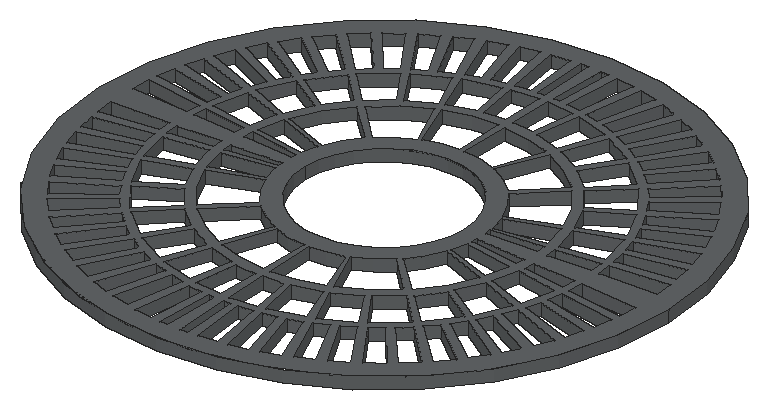
Revit family "Приствольная решётка (круглая) Р-05", category Антураж, Revit 2017 (continued)
Forms (mm)
  Extrusion 83, solid, material "Чугун, серый" <- "ADSK_Материал решетки", visible <- "1200"
    sketch origin (0, 0, 0) x (1, 0, 0) y (0, 1, 0)
      loop
        arc (419.424, 21.981) -> (418.402, 36.605) -> (416.869, 51.185) r 420
        line (416.869, 51.185) -> (327.54, 40.217)
        arc (327.54, 40.217) -> (328.744, 28.761) -> (329.548, 17.271) r 330
        line (329.548, 17.271) -> (419.424, 21.981)
      loop
        line (325.937, 51.623) -> (414.829, 65.702)
        arc (414.829, 65.702) -> (407.524, 101.607) -> (397.118, 136.739) r 420
        line (397.118, 136.739) -> (312.021, 107.437)
        arc (312.021, 107.437) -> (320.198, 79.834) -> (325.937, 51.623) r 330
      loop
        line (308.082, 118.261) -> (392.104, 150.515)
        arc (392.104, 150.515) -> (377.494, 184.116) -> (360.01, 216.316) r 420
        line (360.01, 216.316) -> (282.865, 169.963)
        arc (282.865, 169.963) -> (296.602, 144.662) -> (308.082, 118.261) r 330
      loop
        line (276.761, 179.731) -> (352.242, 228.748)
        arc (352.242, 228.748) -> (330.965, 258.578) -> (307.169, 286.439) r 420
        line (307.169, 286.439) -> (241.347, 225.059)
        arc (241.347, 225.059) -> (260.044, 203.168) -> (276.761, 179.731) r 330
      loop
        line (233.345, 233.345) -> (296.985, 296.985)
        arc (296.985, 296.985) -> (269.971, 321.739) -> (240.902, 344.044) r 420
        line (240.902, 344.044) -> (189.28, 270.32)
        arc (189.28, 270.32) -> (212.12, 252.795) -> (233.345, 233.345) r 330
      loop
        line (179.731, 276.761) -> (228.748, 352.242)
        arc (228.748, 352.242) -> (197.178, 370.838) -> (164.107, 386.612) r 420
        line (164.107, 386.612) -> (128.941, 303.767)
        arc (128.941, 303.767) -> (154.926, 291.373) -> (179.731, 276.761) r 330
      loop
        line (118.261, 308.082) -> (150.515, 392.104)
        arc (150.515, 392.104) -> (115.768, 403.73) -> (80.14, 412.283) r 420
        line (80.14, 412.283) -> (62.967, 323.937)
        arc (62.967, 323.937) -> (90.96, 317.216) -> (118.261, 308.082) r 330
      loop
        line (51.623, 325.937) -> (65.702, 414.829)
        arc (65.702, 414.829) -> (37.478, 418.325) -> (9.081, 419.902) r 420
        line (9.081, 419.902) -> (7.135, 329.923)
        arc (7.135, 329.923) -> (29.447, 328.684) -> (51.623, 325.937) r 330
      loop
        line (419.424, -21.981) -> (329.548, -17.271)
        arc (329.548, -17.271) -> (328.744, -28.761) -> (327.54, -40.217) r 330
        line (327.54, -40.217) -> (416.869, -51.185)
        arc (416.869, -51.185) -> (418.402, -36.605) -> (419.424, -21.981) r 420
      loop
        arc (325.937, -51.623) -> (320.198, -79.834) -> (312.021, -107.437) r 330
        line (312.021, -107.437) -> (397.118, -136.739)
        arc (397.118, -136.739) -> (407.524, -101.607) -> (414.829, -65.702) r 420
        line (414.829, -65.702) -> (325.937, -51.623)
      loop
        arc (308.082, -118.261) -> (296.602, -144.662) -> (282.865, -169.963) r 330
        line (282.865, -169.963) -> (360.01, -216.316)
        arc (360.01, -216.316) -> (377.494, -184.116) -> (392.104, -150.515) r 420
        line (392.104, -150.515) -> (308.082, -118.261)
      loop
        arc (276.761, -179.731) -> (260.044, -203.168) -> (241.347, -225.059) r 330
        line (241.347, -225.059) -> (307.169, -286.439)
        arc (307.169, -286.439) -> (330.965, -258.578) -> (352.242, -228.748) r 420
        line (352.242, -228.748) -> (276.761, -179.731)
      loop
        arc (233.345, -233.345) -> (212.12, -252.795) -> (189.28, -270.32) r 330
        line (189.28, -270.32) -> (240.902, -344.044)
        arc (240.902, -344.044) -> (269.971, -321.739) -> (296.985, -296.985) r 420
        line (296.985, -296.985) -> (233.345, -233.345)
      loop
        arc (179.731, -276.761) -> (154.926, -291.373) -> (128.941, -303.767) r 330
        line (128.941, -303.767) -> (164.107, -386.612)
        arc (164.107, -386.612) -> (197.178, -370.838) -> (228.748, -352.242) r 420
        line (228.748, -352.242) -> (179.731, -276.761)
      loop
        arc (118.261, -308.082) -> (90.96, -317.216) -> (62.967, -323.937) r 330
        line (62.967, -323.937) -> (80.14, -412.283)
        arc (80.14, -412.283) -> (115.768, -403.73) -> (150.515, -392.104) r 420
        line (150.515, -392.104) -> (118.261, -308.082)
      loop
        arc (51.623, -325.937) -> (29.447, -328.684) -> (7.135, -329.923) r 330
        line (7.135, -329.923) -> (9.081, -419.902)
        arc (9.081, -419.902) -> (37.478, -418.325) -> (65.702, -414.829) r 420
        line (65.702, -414.829) -> (51.623, -325.937)
      loop
        arc (-419.424, -21.981) -> (-418.402, -36.605) -> (-416.869, -51.185) r 420
        line (-416.869, -51.185) -> (-327.54, -40.217)
        arc (-327.54, -40.217) -> (-328.744, -28.761) -> (-329.548, -17.271) r 330
        line (-329.548, -17.271) -> (-419.424, -21.981)
      loop
        line (-325.937, -51.623) -> (-414.829, -65.702)
        arc (-414.829, -65.702) -> (-407.524, -101.607) -> (-397.118, -136.739) r 420
        line (-397.118, -136.739) -> (-312.021, -107.437)
        arc (-312.021, -107.437) -> (-320.198, -79.834) -> (-325.937, -51.623) r 330
      loop
        line (-308.082, -118.261) -> (-392.104, -150.515)
        arc (-392.104, -150.515) -> (-377.494, -184.116) -> (-360.01, -216.316) r 420
        line (-360.01, -216.316) -> (-282.865, -169.963)
        arc (-282.865, -169.963) -> (-296.602, -144.662) -> (-308.082, -118.261) r 330
      loop
        line (-276.761, -179.731) -> (-352.242, -228.748)
        arc (-352.242, -228.748) -> (-330.965, -258.578) -> (-307.169, -286.439) r 420
        line (-307.169, -286.439) -> (-241.347, -225.059)
        arc (-241.347, -225.059) -> (-260.044, -203.168) -> (-276.761, -179.731) r 330
      loop
        line (-233.345, -233.345) -> (-296.985, -296.985)
        arc (-296.985, -296.985) -> (-269.971, -321.739) -> (-240.902, -344.044) r 420
        line (-240.902, -344.044) -> (-189.28, -270.32)
        arc (-189.28, -270.32) -> (-212.12, -252.795) -> (-233.345, -233.345) r 330
      loop
        line (-179.731, -276.761) -> (-228.748, -352.242)
        arc (-228.748, -352.242) -> (-197.178, -370.838) -> (-164.107, -386.612) r 420
        line (-164.107, -386.612) -> (-128.941, -303.767)
        arc (-128.941, -303.767) -> (-154.926, -291.373) -> (-179.731, -276.761) r 330
      loop
        line (-118.261, -308.082) -> (-150.515, -392.104)
        arc (-150.515, -392.104) -> (-115.768, -403.73) -> (-80.14, -412.283) r 420
        line (-80.14, -412.283) -> (-62.967, -323.937)
        arc (-62.967, -323.937) -> (-90.96, -317.216) -> (-118.261, -308.082) r 330
      loop
        line (-51.623, -325.937) -> (-65.702, -414.829)
        arc (-65.702, -414.829) -> (-37.478, -418.325) -> (-9.081, -419.902) r 420
        line (-9.081, -419.902) -> (-7.135, -329.923)
        arc (-7.135, -329.923) -> (-29.447, -328.684) -> (-51.623, -325.937) r 330
      loop
        line (-419.424, 21.981) -> (-329.548, 17.271)
        arc (-329.548, 17.271) -> (-328.744, 28.761) -> (-327.54, 40.217) r 330
        line (-327.54, 40.217) -> (-416.869, 51.185)
        arc (-416.869, 51.185) -> (-418.402, 36.605) -> (-419.424, 21.981) r 420
      loop
        arc (-325.937, 51.623) -> (-320.198, 79.834) -> (-312.021, 107.437) r 330
        line (-312.021, 107.437) -> (-397.118, 136.739)
        arc (-397.118, 136.739) -> (-407.524, 101.607) -> (-414.829, 65.702) r 420
        line (-414.829, 65.702) -> (-325.937, 51.623)
      loop
        arc (-308.082, 118.261) -> (-296.602, 144.662) -> (-282.865, 169.963) r 330
        line (-282.865, 169.963) -> (-360.01, 216.316)
        arc (-360.01, 216.316) -> (-377.494, 184.116) -> (-392.104, 150.515) r 420
        line (-392.104, 150.515) -> (-308.082, 118.261)
      loop
        arc (-276.761, 179.731) -> (-260.044, 203.168) -> (-241.347, 225.059) r 330
        line (-241.347, 225.059) -> (-307.169, 286.439)
        arc (-307.169, 286.439) -> (-330.965, 258.578) -> (-352.242, 228.748) r 420
        line (-352.242, 228.748) -> (-276.761, 179.731)
      loop
        arc (-233.345, 233.345) -> (-212.12, 252.795) -> (-189.28, 270.32) r 330
        line (-189.28, 270.32) -> (-240.902, 344.044)
        arc (-240.902, 344.044) -> (-269.971, 321.739) -> (-296.985, 296.985) r 420
        line (-296.985, 296.985) -> (-233.345, 233.345)
      loop
        arc (-179.731, 276.761) -> (-154.926, 291.373) -> (-128.941, 303.767) r 330
        line (-128.941, 303.767) -> (-164.107, 386.612)
        arc (-164.107, 386.612) -> (-197.178, 370.838) -> (-228.748, 352.242) r 420
        line (-228.748, 352.242) -> (-179.731, 276.761)
      loop
        arc (-118.261, 308.082) -> (-90.96, 317.216) -> (-62.967, 323.937) r 330
        line (-62.967, 323.937) -> (-80.14, 412.283)
        arc (-80.14, 412.283) -> (-115.768, 403.73) -> (-150.515, 392.104) r 420
        line (-150.515, 392.104) -> (-118.261, 308.082)
      loop
        arc (-51.623, 325.937) -> (-29.447, 328.684) -> (-7.135, 329.923) r 330
        line (-7.135, 329.923) -> (-9.081, 419.902)
        arc (-9.081, 419.902) -> (-37.478, 418.325) -> (-65.702, 414.829) r 420
        line (-65.702, 414.829) -> (-51.623, 325.937)
      loop
        arc (309.852, 16.424) -> (309.099, 27.135) -> (307.974, 37.815) r 310.287
        line (307.974, 37.815) -> (203.472, 24.983)
        arc (203.472, 24.983) -> (204.212, 17.959) -> (204.709, 10.913) r 205
        line (204.709, 10.913) -> (309.852, 16.424)
      loop
        arc (4.432, 204.952) -> (39.535, 201.152) -> (73.465, 191.384) r 205
        line (73.465, 191.384) -> (111.197, 289.678)
        arc (111.197, 289.678) -> (59.841, 304.462) -> (6.709, 310.215) r 310.287
        line (6.709, 310.215) -> (4.432, 204.952)
      loop
        line (121.239, 285.621) -> (80.1, 188.703)
        arc (80.1, 188.703) -> (113.812, 170.505) -> (143.55, 146.351) r 205
        line (143.55, 146.351) -> (218.001, 220.802)
        arc (218.001, 220.802) -> (172.689, 257.792) -> (121.239, 285.621) r 310.287
      loop
        line (226.93, 211.615) -> (149.928, 139.81)
        arc (149.928, 139.81) -> (173.821, 108.679) -> (191.345, 73.566) r 205
        line (191.345, 73.566) -> (289.64, 111.297)
        arc (289.64, 111.297) -> (263.11, 164.473) -> (226.93, 211.615) r 310.287
      loop
        arc (193.831, 66.741) -> (198.891, 49.672) -> (202.451, 32.228) r 205
        line (202.451, 32.228) -> (306.442, 48.698)
        arc (306.442, 48.698) -> (301.051, 75.143) -> (293.382, 101.02) r 310.287
        line (293.382, 101.02) -> (193.831, 66.741)
      loop
        line (309.852, -16.424) -> (204.709, -10.913)
        arc (204.709, -10.913) -> (204.212, -17.959) -> (203.472, -24.983) r 205
        line (203.472, -24.983) -> (307.974, -37.815)
        arc (307.974, -37.815) -> (309.099, -27.135) -> (309.852, -16.424) r 310.287
      loop
        line (4.432, -204.952) -> (6.709, -310.215)
        arc (6.709, -310.215) -> (59.841, -304.462) -> (111.197, -289.678) r 310.287
        line (111.197, -289.678) -> (73.465, -191.384)
        arc (73.465, -191.384) -> (39.535, -201.152) -> (4.432, -204.952) r 205
      loop
        arc (121.239, -285.621) -> (172.689, -257.792) -> (218.001, -220.802) r 310.287
        line (218.001, -220.802) -> (143.55, -146.351)
        arc (143.55, -146.351) -> (113.812, -170.505) -> (80.1, -188.703) r 205
        line (80.1, -188.703) -> (121.239, -285.621)
      loop
        arc (226.93, -211.615) -> (263.11, -164.473) -> (289.64, -111.297) r 310.287
        line (289.64, -111.297) -> (191.345, -73.566)
        arc (191.345, -73.566) -> (173.821, -108.679) -> (149.928, -139.81) r 205
        line (149.928, -139.81) -> (226.93, -211.615)
      loop
        line (193.831, -66.741) -> (293.382, -101.02)
        arc (293.382, -101.02) -> (301.051, -75.143) -> (306.442, -48.698) r 310.287
        line (306.442, -48.698) -> (202.451, -32.228)
        arc (202.451, -32.228) -> (198.891, -49.672) -> (193.831, -66.741) r 205
      loop
        arc (-309.852, -16.424) -> (-309.099, -27.135) -> (-307.974, -37.815) r 310.287
        line (-307.974, -37.815) -> (-203.472, -24.983)
        arc (-203.472, -24.983) -> (-204.212, -17.959) -> (-204.709, -10.913) r 205
        line (-204.709, -10.913) -> (-309.852, -16.424)
      loop
        arc (-4.432, -204.952) -> (-39.535, -201.152) -> (-73.465, -191.384) r 205
        line (-73.465, -191.384) -> (-111.197, -289.678)
        arc (-111.197, -289.678) -> (-59.841, -304.462) -> (-6.709, -310.215) r 310.287
        line (-6.709, -310.215) -> (-4.432, -204.952)
      loop
        line (-121.239, -285.621) -> (-80.1, -188.703)
        arc (-80.1, -188.703) -> (-113.812, -170.505) -> (-143.55, -146.351) r 205
        line (-143.55, -146.351) -> (-218.001, -220.802)
        arc (-218.001, -220.802) -> (-172.689, -257.792) -> (-121.239, -285.621) r 310.287
      loop
        line (-226.93, -211.615) -> (-149.928, -139.81)
        arc (-149.928, -139.81) -> (-173.821, -108.679) -> (-191.345, -73.566) r 205
        line (-191.345, -73.566) -> (-289.64, -111.297)
        arc (-289.64, -111.297) -> (-263.11, -164.473) -> (-226.93, -211.615) r 310.287
      loop
        arc (-193.831, -66.741) -> (-198.891, -49.672) -> (-202.451, -32.228) r 205
        line (-202.451, -32.228) -> (-306.442, -48.698)
        arc (-306.442, -48.698) -> (-301.051, -75.143) -> (-293.382, -101.02) r 310.287
        line (-293.382, -101.02) -> (-193.831, -66.741)
      loop
        line (-309.852, 16.424) -> (-204.709, 10.913)
        arc (-204.709, 10.913) -> (-204.212, 17.959) -> (-203.472, 24.983) r 205
        line (-203.472, 24.983) -> (-307.974, 37.815)
        arc (-307.974, 37.815) -> (-309.099, 27.135) -> (-309.852, 16.424) r 310.287
      loop
        line (-4.432, 204.952) -> (-6.709, 310.215)
        arc (-6.709, 310.215) -> (-59.841, 304.462) -> (-111.197, 289.678) r 310.287
        line (-111.197, 289.678) -> (-73.465, 191.384)
        arc (-73.465, 191.384) -> (-39.535, 201.152) -> (-4.432, 204.952) r 205
      loop
        arc (-121.239, 285.621) -> (-172.689, 257.792) -> (-218.001, 220.802) r 310.287
        line (-218.001, 220.802) -> (-143.55, 146.351)
        arc (-143.55, 146.351) -> (-113.812, 170.505) -> (-80.1, 188.703) r 205
        line (-80.1, 188.703) -> (-121.239, 285.621)
      loop
        arc (-226.93, 211.615) -> (-263.11, 164.473) -> (-289.64, 111.297) r 310.287
        line (-289.64, 111.297) -> (-191.345, 73.566)
        arc (-191.345, 73.566) -> (-173.821, 108.679) -> (-149.928, 139.81) r 205
        line (-149.928, 139.81) -> (-226.93, 211.615)
      loop
        line (-193.831, 66.741) -> (-293.382, 101.02)
        arc (-293.382, 101.02) -> (-301.051, 75.143) -> (-306.442, 48.698) r 310.287
        line (-306.442, 48.698) -> (-202.451, 32.228)
        arc (-202.451, 32.228) -> (-198.891, 49.672) -> (-193.831, 66.741) r 205
    from 0 to 25
Cuts and joins
  Extrusion 2, Extrusion 3, Extrusion 4, Extrusion 5, Extrusion 6, Extrusion 7, Extrusion 8, Extrusion 9, Extrusion 10, Extrusion 11, Extrusion 12, Extrusion 13, Extrusion 14, Extrusion 15, Extrusion 16, Extrusion 17, Extrusion 18, Extrusion 19, Extrusion 20, Extrusion 21, Extrusion 22, Extrusion 23, Extrusion 24, Extrusion 25, Extrusion 26, Extrusion 27, Extrusion 28, Extrusion 29, Extrusion 30, Extrusion 31, Extrusion 32, Extrusion 33, Extrusion 34, Extrusion 35, Extrusion 36, Extrusion 37, Extrusion 38, Extrusion 39, Extrusion 40, Extrusion 41, Extrusion 42, Extrusion 43, Extrusion 44, Extrusion 45, Extrusion 46, Extrusion 47, Extrusion 48, Extrusion 49, Extrusion 50, Extrusion 51, Extrusion 52, Extrusion 53, Extrusion 54, Extrusion 55, Extrusion 56, Extrusion 57, Extrusion 58, Extrusion 59, Extrusion 60, Extrusion 61, Extrusion 62, Extrusion 63, Extrusion 64, Extrusion 65, Extrusion 66, Extrusion 67, Extrusion 68, Extrusion 69, Extrusion 70, Extrusion 71, Extrusion 72, Extrusion 73, Extrusion 74, Extrusion 75, Extrusion 76, Extrusion 77, Extrusion 78, Extrusion 79, Extrusion 80, Extrusion 81, Extrusion 82 cuts Extrusion 1
Dimensions and locks
  aligned and locked: level to plane 2
Types (3, lengths in mm): name | Стоимость | ADSK_Размер_Диаметр | 1200 | 1000
  (no name) | 14930 | 1200 | yes | no
  Приствольная решётка (круглая) Р-05  Ø1000 | 11994 | 1000 | no | yes
  Приствольная решётка (круглая) Р-05  Ø1200 | 14930 | 1200 | yes | no
